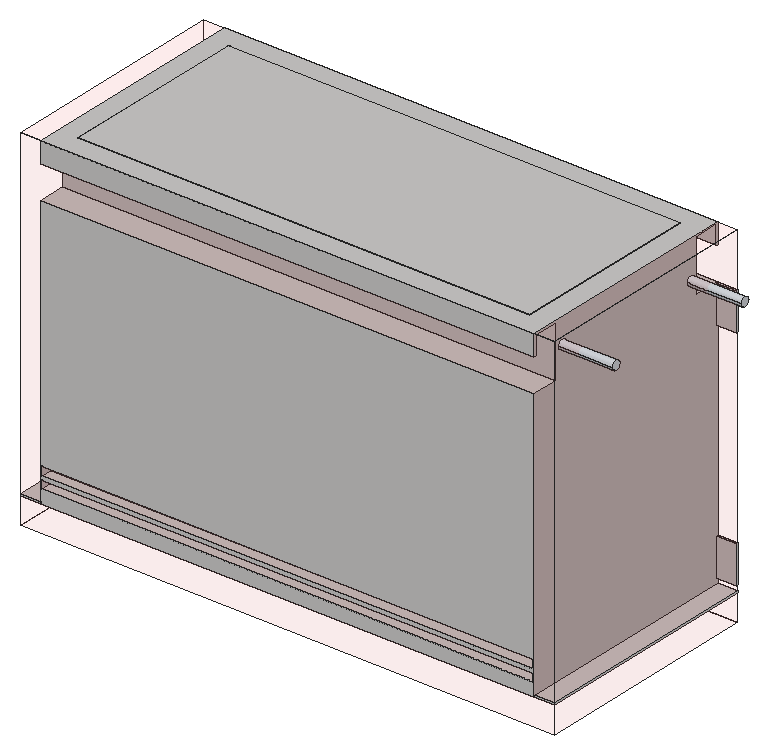
Revit family "Air-Curtain_Climate-Control_PoweredAire_THS", category Mechanical Equipment, host Face, Revit 2026
Family settings
  Host = Face
  Round Connector Dimension = Use Diameter
  Part Type = Normal
  Classification Number = 23.75.35.17.21
  Cut with Voids When Loaded = No
  Maintain Annotation Orientation = No
  Shared = No
  Room Calculation Point = No
Parameters
  upperrotation [instance] = if(Upper Pipe Connection Side A, 0.00°, 180.00°)  # 0.00°
  lowerrotation [instance] = if(Lower Pipe Connection Side A, 0.00°, 180.00°)  # 0.00°
  locateupperpipe [instance] = if(Upper Pipe Connection Side A, 0' 0", Nozzle Width)  # 0' - 0"
  locatelowerpipe [instance] = if(Lower Pipe Connection Side A, 0' 0", Nozzle Width)  # 0' - 0"
  Warranty Duration (Years) = 0
  Upper Pipe Connection Side A [instance] = yes
  Unit Width Notes = "Other Widths available."  # constant formula
  Unit Width = 3' - 3"
  Unit Weight = 0
  Unit Height = 1' - 4 3/4"
  Unit Depth [instance] = if(Include Filters, 2' 1 7/8", 1' 11 3/4")  # 1' - 11 3/4"
  URL = "http://www.poweredaire.com/"
  Test Data = ""
  Temperature Rise_Range = "as Specified"
  Standards Conformance = "as Specified"
  Specification = "http://www.arcat.com/sdspecs/htm04/23_34_33pai.htm"
  SpecWizard = ""
  Sound Pressure = "as Specified"
  Sales Information = "http://www.poweredaire.com/contact_us"
  Revision = "R1_2016-08"
  Projection from Host [instance] = 0' - 2"
  Product Properties = ""
  Product Data = "http://www.arcat.com/arcatcos/cos47/arc47623.html"
  Power Rating = 0 W
  Piping_Water Flow [instance] = 0 GPM
  Piping_Operating Pressure [instance] = 0.00 psi
  Piping_Exit Temperature [instance] = 0 °F
  Piping_Entry Temperature [instance] = 0 °F
  Pipe OD [instance] = 5/8"
  Outlet Volume_Range = "as Specified"
  Outlet Velocity_Range = "as Specified"
  Nozzle Width = if(1 = 1, Unit Width - 0' 3", 0' 0")  # 3' - 0"
  Mounting Width = if(1 = 1, Unit Width - 0' 1 1/2", 0' 0")  # 3' - 1 1/2"
  Mounting Height [instance] = 3' - 6"
  Motor RPM = 0
  Motor HP = 0
  Motor Count = 0
  Model = "As Specified"
  Max Height = 0' - 0"
  Manufacturer Website = "http://www.poweredaire.com/"
  Manufacturer Phone - Toll Free = "888-321-2473"
  Manufacturer Phone = "724-588-3305"
  Manufacturer Fax = "724-588-3371"
  Manufacturer Address = "109 Mortensen Rd.  Greenville, PA 16125"
  Manufacturer = "Powered Aire, Inc"
  Maintenance Schedule (Months) = 0
  Lower Pipe Connection Side A [instance] = yes
  Keynote = "23 34 33"
  Installation-Fabrication = ""
  Installation Phase = ""
  Include Filters [instance] = no
  Include Clearance [instance] = yes
  Heating Element Load = 0 W
  HVAC_Temperature Rise [instance] = 0 °F
  HVAC_Outlet Volume [instance] = 0 CFM
  HVAC_Outlet Velocity Uniformity = 0
  HVAC_Outlet Velocity [instance] = 0 FPM
  HVAC_BTU Input = 0.0 Btu/h
  Green Building-LEED = "http://www.arcat.com/green/clients/leed_data_47623.html"
  Front Grating Material [instance] = Metal - Steel - PoweredAire - Stainless 304 Perforated
  Frame Finish [instance] = Metal - Steel - PoweredAire - Stainless 304
  Expected Lifespan (Years) = 0
  Electrical_Wattage [instance] = Power Rating + Heating Element Load  # 0 W
  Electrical_Voltage [instance] = 0 V
  Electrical_Phase [instance] = 1
  Electrical_Frequency [instance] = 0 Hz
  Electrical_Amperage [instance] = 0 A
  Drawn By = "Sumex Design, Inc. / Robert S. Weygant, CSI, CDT, SCIP"
  Description = "Powered Aire Air Curtain as Specified"
  Default Elevation = 0' - 0"  # constant formula
  Copyright = "©Arcat Inc."
  Construction Details = "http://www.arcat.com/details/powair/prod3336.html"
  Clearance_Top [instance] = 0' - 0"
  Clearance_Side B [instance] = 0' - 0"
  Clearance_Side A [instance] = 0' - 0"
  Clearance_Intake [instance] = 0' - 0"
  Clearance_Bottom [instance] = 0' - 0"
  Clearance Material [instance] = ARCAT Clearance
  Building Codes = ""
  Available Options [instance] = "as Specified"
  Assembly Code = "D3090400"
Reference planes (in)
  plane 1 "Center (Elevation)": y = 0.13818
  plane 2: z = 0
  plane 3 "Center (Left/Right)": x = 0
  plane 4: y = 8.51318
  plane 5: y = -8.23682
  plane 6: x = -19.5
  plane 7: x = 19.5
  plane 8: z = 25.75
  plane 9 "FF": y = -41.86182
  plane 10: z = 2
  plane 11: x = 18
  plane 12: x = -18
  plane 13: y = 8.51318
  plane 14: y = -8.23682
  plane 15: x = -19.5
  plane 16: x = 19.5
  plane 17: z = 25.75
  plane 18: x = 17.9375
  plane 19: x = -17.9375
  plane 20: x = 18
  plane 21: x = 18
  plane 22: y = 6.01318
  plane 23: y = -5.73682
Forms (in)
  Extrusion 1, solid, material "Metal - Steel - PoweredAire - Stainless 304" <- "Frame Finish"
    sketch origin (0, 0, 0) x (0, 1, 0) y (0, 0, 1)
      loop
        line (-8.23682, 2) -> (8.51318, 2) -> (8.51318, 21.8125) -> (6.51318, 21.8125) -> (6.51318, 25.625) -> (8.38818, 25.625) -> (8.38818, 24.25) -> (8.51318, 24.25) -> (8.51318, 25.75) -> (-8.23682, 25.75) -> (-8.23682, 24.25) -> (-8.11182, 24.25) -> (-8.11182, 25.625) -> (-6.23682, 25.625) -> (-6.23682, 21.8125) -> (-8.23682, 21.8125) -> (-8.23682, 2)
    from -18 to 18
  Extrusion 2, solid, material "ARCAT Clearance" <- "Clearance Material", visible <- "Include Clearance"
    sketch origin (0, 0, 0) x (0, 1, 0) y (0, 0, 1)
      loop
        line (-8.23682, 25.75) -> (-8.23682, 0) -> (8.51318, 0) -> (8.51318, 25.75) -> (-8.23682, 25.75)
    from -19.5 to 19.5
  Extrusion 3, solid, material "Metal - Steel - PoweredAire - Stainless 304" <- "Frame Finish"
    sketch origin (-15.17702, -180, 2) x (-1, 0, 0) y (0, -1, 0)
      loop
        line (-33.17702, -188.51318) -> (-33.17702, -171.76318) -> (-34.67702, -171.76318) -> (-34.67702, -188.51318) -> (-33.17702, -188.51318)
      loop
        line (2.82298, -188.51318) -> (4.32298, -188.51318) -> (4.32298, -171.76318) -> (2.82298, -171.76318) -> (2.82298, -188.51318)
    from 0 to 0.125
  Extrusion 4, solid, material "Metal - Steel - PoweredAire - Stainless 304" <- "Frame Finish"
    sketch origin (-11.83813, 8.51318, 48) x (-1, 0, 0) y (0, 0, 1)
      loop
        line (-29.83813, -45.5) -> (-29.83813, -42.75) -> (-31.33813, -42.75) -> (-31.33813, -45.5) -> (-29.83813, -45.5)
      loop
        line (-29.83813, -28.9375) -> (-29.83813, -26.1875) -> (-31.33813, -26.1875) -> (-31.33813, -28.9375) -> (-29.83813, -28.9375)
      loop
        line (6.16187, -45.5) -> (7.66187, -45.5) -> (7.66187, -42.75) -> (6.16187, -42.75) -> (6.16187, -45.5)
      loop
        line (6.16187, -28.9375) -> (7.66187, -28.9375) -> (7.66187, -26.1875) -> (6.16187, -26.1875) -> (6.16187, -28.9375)
    from 0 to -0.125
  Extrusion 5, void
    sketch origin (0, 0, 0) x (0, 1, 0) y (0, 0, 1)
      loop
        line (-8.23682, 3) -> (-7.23682, 3) -> (-7.23682, 4.5) -> (-8.23682, 4.5) -> (-8.23682, 3.82425) -> (-7.38364, 3.82425) -> (-7.38364, 3.57425) -> (-8.23682, 3.57425) -> (-8.23682, 3)
    from -17.9375 to 17.9375
  Extrusion 6, solid, material "Metal - Steel - PoweredAire - Stainless 304 Perforated" <- "Front Grating Material"
    sketch origin (0, -8.23682, 25.75) x (0, 1, 0) y (-1, 0, 0)
      loop
        line (15.25, 16.5) -> (1.5, 16.5) -> (1.5, -16.5) -> (15.25, -16.5) -> (15.25, 16.5)
    from 0 to 0.03125
  Sweep 7, solid
    path origin (18, 6.01318, 0) x (1, 0, 0) y (0, 1, 0)
      loop
        line (0, 0) -> (4, 0)
    profile origin (20, 6.01318, 0) x (0, 1, 0) y (0, 0, 1)
      loop
        circle (0, 23) r 0.3125
  Sweep 8, solid
    path origin (18, -5.73682, 0) x (1, 0, 0) y (0, 1, 0)
      loop
        line (0, 0) -> (4, 0)
    profile origin (20, -5.73682, 0) x (0, 1, 0) y (0, 0, 1)
      loop
        circle (0, 24) r 0.3125
Cuts and joins
  Extrusion 5 cuts Extrusion 1
Lines and regions (in)
  reference lines
    curve 1: line (18, 6.01318, 0) -> (22.75, 6.01318, 0)
    curve 2: line (18, -5.73682, 0) -> (23.75, -5.73682, 0)
Dimensions and locks (in)
  equal spacing: plane 4, plane 1 "Center (Elevation)", plane 5
  "Unit Height": plane 4 to plane 5
  equal spacing: plane 6, plane 3 "Center (Left/Right)", plane 7
  "Unit Width": plane 6 to plane 7
  "Mounting Height": plane 1 "Center (Elevation)" to plane 9 "FF"
  "Projection from Host": plane 10 to level
  "Unit Depth": plane 8 to plane 10
  locked: plane 6 to plane 12 at 1.5
  locked: plane 11 to plane 7 at 1.5
  "Clearance_Side A": plane 7 to plane 16
  "Clearance_Side B": plane 15 to plane 6
  "Clearance_Top": plane 13 to plane 4
  "Clearance_Bottom": plane 5 to plane 14
  "Clearance_Intake": plane 17 to plane 8
  plane 5 to Extrusion 1 sketch curve to Extrusion 1 sketch curve = 0' - 0 1/8" locked, 0' - 1 7/8" locked
  Extrusion 1 sketch curve to Extrusion 1 sketch curve to plane 4 = 0' - 1 7/8" locked, 0' - 0 1/8" locked
  Extrusion 4 sketch curve to Extrusion 4 sketch curve to Extrusion 4 sketch curve to Extrusion 4 sketch curve to plane 10 = 0' - 2 3/4" locked, 1' - 1 13/16" locked, 0' - 2 3/4" locked, 0' - 0 1/2" locked
  Extrusion 4 sketch curve to Extrusion 4 sketch curve to Extrusion 4 sketch curve to Extrusion 4 sketch curve = 0' - 2 3/4" locked, 1' - 1 13/16" locked, 0' - 2 3/4" locked
  locked: Extrusion 4 sketch curve to plane 10 at 0.5
  plane 8 to Extrusion 1 sketch curve to Extrusion 1 sketch curve = 0' - 0 1/8" locked, 0' - 1 3/8" locked  (x2)
  locked: Extrusion 1 sketch curve to plane 10 at 19.8125  (x2)
  Extrusion 5 sketch curve to Extrusion 5 sketch curve to Extrusion 5 sketch curve to Extrusion 5 sketch curve to plane 10 = 0' - 0.67575" locked, 0' - 0 1/4" locked, 0' - 0.57425" locked, 0' - 1" locked
  plane 5 to Extrusion 5 sketch curve to Extrusion 5 sketch curve = 0' - 0.85319" locked, 0' - 0.14681" locked
  locked: plane 19 to plane 12 at 0.0625
  locked: plane 11 to plane 18 at 0.0625
  locked: plane 4 to Extrusion 6 sketch curve at 1.5
  locked: Extrusion 6 sketch curve to plane 5 at 1.5
  locked: Extrusion 6 sketch curve to plane 11 at 1.5
  locked: plane 12 to Extrusion 6 sketch curve at 1.5
  "locateupperpipe": plane 20 to plane 11
  "locatelowerpipe": plane 21 to plane 11
  locked: plane 4 to plane 22 at 2.5
  locked: plane 23 to plane 5 at 2.5
  locked: curve 1 to Sweep 7 sketch curve at 4
  locked: curve 1 to Sweep 7 sketch curve
  locked: Sweep 7 sketch curve to plane 10 at 21
  locked: curve 2 to Sweep 8 sketch curve at 4
  locked: curve 2 to Sweep 8 sketch curve
  locked: Sweep 8 sketch curve to plane 10 at 22
  "upperrotation": angle plane 22 to curve 1
  "lowerrotation": angle plane 23 to curve 2
  aligned and locked: plane 2 to host face
  aligned and locked: level to host face
  aligned and locked: Extrusion 2 sketch curve to plane 17
  aligned and locked: plane 14 to Extrusion 2 sketch curve
  aligned and locked: level to Extrusion 2 sketch curve
  aligned and locked: Extrusion 2 sketch curve to plane 13
  aligned and locked: plane 16 to Extrusion 2
  aligned and locked: Extrusion 2 to plane 15
  aligned and locked: plane 11 to Extrusion 1
  aligned and locked: Extrusion 1 to plane 12
  aligned and locked: plane 21 to curve 2
  aligned and locked: plane 23 to curve 2
  aligned and locked: plane 22 to curve 1
  aligned and locked: plane 20 to curve 1
Automatic sketch dimensions
  host sketch curve to host sketch curve = 8' - 0"  (x2)
  Extrusion 1 sketch curve to plane 5 = 0' - 0"  (x2)
  Extrusion 1 sketch curve to plane 4 = 0' - 0"  (x2)
  Extrusion 1 sketch curve to plane 10 = 0' - 0"
  Extrusion 1 sketch curve to plane 8 = 0' - 0"
  plane 4 to Extrusion 3 sketch curve = 0' - 0"
  Extrusion 3 sketch curve to plane 7 = 0' - 0"
  plane 5 to Extrusion 3 sketch curve = 0' - 0"
  Extrusion 3 sketch curve to plane 11 = 0' - 0"
  Extrusion 3 sketch curve to plane 4 = 0' - 0"
  Extrusion 3 sketch curve to plane 12 = 0' - 0"
  Extrusion 3 sketch curve to plane 6 = 0' - 0"
  Extrusion 3 sketch curve to plane 5 = 0' - 0"
  Extrusion 4 sketch curve to plane 7 = 0' - 0"  (x2)
  Extrusion 4 sketch curve to plane 11 = 0' - 0"  (x2)
  Extrusion 4 sketch curve to plane 12 = 0' - 0"  (x2)
  Extrusion 4 sketch curve to plane 6 = 0' - 0"  (x2)
  Extrusion 5 sketch curve to plane 5 = 0' - 0"  (x2)
  Sweep 7 sketch curve to profile plane = 0' - 0"
  Sweep 8 sketch curve to profile plane = 0' - 0"
  radius of Sweep 7 sketch curve = 0' - 0 5/16"
  radius of Sweep 8 sketch curve = 0' - 0 5/16"
Connectors (in)
  piping at (22, 6.01318, 23), diameter 0.625, driven by "Pipe OD", driven by "Piping_Water Flow"
    settings: on Sweep 7, index 1, connector inside diameter 24", connector length 0' - 0", flow factor 0, pipe flow 0 GPM, pressure drop 0.00 psi, fitting loss kfactor 0, connector angle 0.00°, fixture units 0, engagement length 0' - 0", angle of deflection 0.00°, flow configuration 0, flow direction 0, fitting loss method 0, system type 29, joint type 0, gender type 0, connector reference index -1, connector utility 0, adjustable connector no, is connector primary yes, connector description "Define Supply or Return and Location"
  piping at (22, -5.73682, 24), diameter 0.625, driven by "Pipe OD", driven by "Piping_Water Flow"
    settings: on Sweep 8, index 2, connector inside diameter 24", connector length 0' - 0", flow factor 0, pipe flow 0 GPM, pressure drop 0.00 psi, fitting loss kfactor 0, connector angle 0.00°, fixture units 0, engagement length 0' - 0", angle of deflection 0.00°, flow configuration 0, flow direction 0, fitting loss method 0, system type 29, joint type 0, gender type 0, connector reference index -1, connector utility 0, adjustable connector no, is connector primary no, connector description "Define Supply or Return and Location"
  electrical at (-18, 0.13818, 21.39062), driven by "Electrical_Voltage", driven by "Electrical_Phase"
    settings: on cut or joined group of Extrusion 1, Extrusion 5, index 3, voltage 0 V, apparent load 0 VA, apparent load phase1 0 VA, apparent load phase2 0 VA, apparent load phase3 0 VA, power factor 1, load classification "Motor", number of poles 1, system type 31, power factor state 1, is connector primary yes, connector utility no, sub classification motor no, connector description ""
